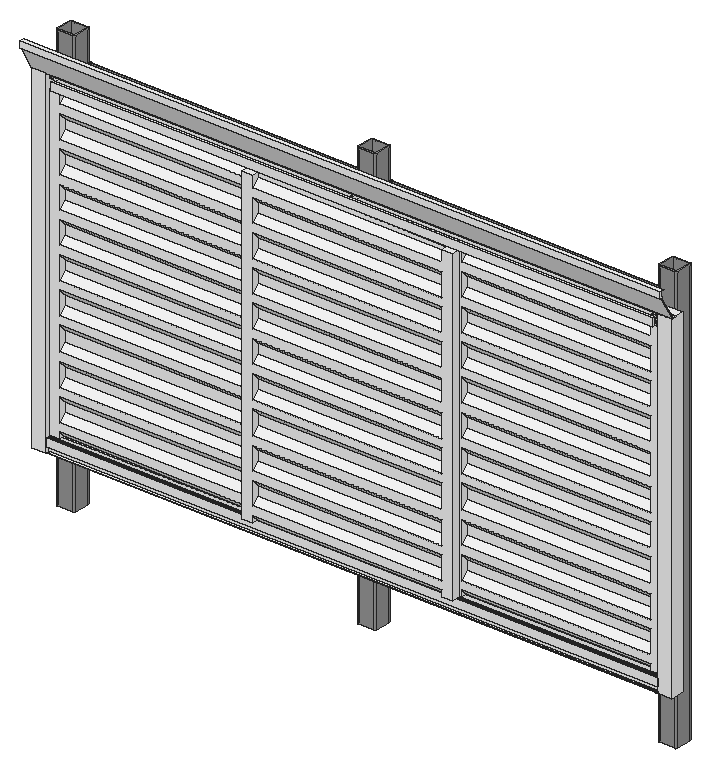
Revit family "Envisor-Premiere-Rooftop-Screen-System_CityScapes-Inc", category Specialty Equipment, Revit 2026
Family settings
  Round Connector Dimension = Use Diameter
  Part Type = Normal
  Classification Number = 23.40.10.14.14
  Enable Cutting in Views = No
  Cut with Voids When Loaded = No
  Maintain Annotation Orientation = No
  Shared = No
  Room Calculation Point = No
Parameters (values of type "Envisor - 4x4 Beams")
  URL = "https://cityscapesinc.com"
  Type Comments = "ACRYLICAP ABS INFILLS"  # constant formula
  Model = if(CD_Panel 7.2 Rib, "Envisor with 7.2 Rib Panels", if(CD_Panel Batten, "Envisor with Batten Panels", if(CD_Panel Brick, "Envisor with Brick Panels", if(CD_Panel Flat, "Envisor with Flat Panels", if(CD_Panel Horizontal Rib, "Envisor with Horizontal Panels", if(CD_Panel Louver, "Envisor with Louver Panels", if(CD_Panel Vertical Rib, "Envisor with Vertical Rib Panels", "Envisor System")))))))  # "Envisor with 7.2 Rib Panels"
  Manufacturer = "Cityscapes Incorporated"  # constant formula
  built-in parameter 1001306 [instance] = 150.000"
  Description = "Envisor Screening Systems"  # constant formula
  Default Elevation = 0.000"  # constant formula
  CD_Vertical Beam Spacing [instance] = if(((CD_Length - 2.250") / CD_Number of Vertical Beams) > 96.000", 96.000", ((CD_Length - 2.250") / CD_Number of Vertical Beams))  # 64.375"
  CD_Trim Style = Cityscapes-Trims : Alamo Trim
  CD_Trim Lineal Band = Cityscapes-Trims : Lineal Band Trim
  CD_Trim Height [instance] = if(CD_Trim Style = CD_Trim 2 Step, 5.500", if(CD_Trim Style = CD_Trim 3 Step, 8.000", if(CD_Trim Style = CD_Trim Alamo, 6.500", if(CD_Trim Style = CD_Trim Cove, 6.500", 0.000"))))  # 6.500"
  CD_Trim Cove = Cityscapes-Trims : Cove Trim
  CD_Trim Alamo = Cityscapes-Trims : Alamo Trim
  CD_Trim 3 Step = Cityscapes-Trims : 3 Step Trim
  CD_Trim 2 Step = Cityscapes-Trims : 2 Step Trim
  CD_Support Offset = 40.063"  # constant formula
  CD_Support Height = CD_Panel Height + 2.520"  # 72.520"
  CD_Right Trim Offset [instance] = if(and(CD_Right Corner, CD_Trim Style = CD_Trim 2 Step), 4.386", if(and(CD_Right Corner, CD_Trim Style = CD_Trim 3 Step), 5.136", if(and(CD_Right Corner, CD_Trim Style = CD_Trim Alamo), 6.101", if(and(CD_Right Corner, CD_Trim Style = CD_Trim Cove), 6.851", if(and(CD_Right Corner, CD_Trim Style = CD_Trim Lineal Band), 3.636", 2.950")))))  # 2.950"
  CD_Right Track Offset [instance] = if(CD_Right Corner, 3.000", 0.000")  # 0.000"
  CD_Right Post Offset [instance] = if(or(CD_Right Corner, CD_Left Corner), CD_Trim Height, 0.000")  # 0.000"
  CD_Right Post Base Offset [instance] = if(CD_Right Corner, 2.855", 0.000")  # 0.000"
  CD_Right Corner [instance] = no
  CD_Right Beam [instance] = not(CD_Right Corner)  # yes
  CD_Requested Length [instance] = [built-in parameter 1001306]  # 150.000"
  CD_Product Page URL = "https://cityscapesinc.com/products/envisor"
  CD_Product Documentation Link = "https://9415688.fs1.hubspotusercontent-na1.net/hubfs/9415688/Envisor-Brochure-web-20220428.pdf"
  CD_Panel Vertical Rib = no
  CD_Panel Louver = no
  CD_Panel Horizontal Rib = no
  CD_Panel Flat = no
  CD_Panel Brick = no
  CD_Panel Batten = no
  CD_Panel 7.2 Rib = yes
  CD_Panel Spacing [instance] = (((CD_Number of Panels * 45.000") - ((CD_Number of Panels - 1) * 3.000"))) / CD_Number of Panels  # 43.000"
  CD_Panel Height = if([18in Panel Height], 18.000", if([35in Panel Height], 35.000", if([52in Panel Height], 52.000", 70.000")))  # 70.000"
  CD_Odd Panel Single Vis [instance] = CD_Number of Odd Panels = 1  # no
  CD_Odd Panel Array Vis [instance] = CD_Number of Odd Panels > 1  # yes
  CD_Number of Vertical Beams Array [instance] = if((CD_Number of Vertical Beams - 1) < 2, 2, (CD_Number of Vertical Beams - 1))  # 2
  CD_Number of Vertical Beams [instance] = roundup((((CD_Length - 2.250") / 96.000")))  # 2
  CD_Number of Panels [instance] = rounddown(CD_Requested Length / 45.000")  # 3
  CD_Number of Odd Panels [instance] = (CD_Number of Panels / 2)  # 2
  CD_Number of Horizontal Beams Array [instance] = if((CD_Number of Vertical Beams - 2) < 2, 2, (CD_Number of Vertical Beams - 2))  # 2
  CD_Number of Even Panels [instance] = CD_Number of Panels - CD_Number of Odd Panels  # 1
  CD_Microsite = "https://www.caddetails.com/2907"
  CD_Length [instance] = (CD_Number of Panels * 45.000") - ((CD_Number of Panels - 1) * 3.000") + CD_Calc  # 131.000"
  CD_Left Trim Offset [instance] = if(and(CD_Left Corner, CD_Trim Style = CD_Trim 2 Step), 4.386", if(and(CD_Left Corner, CD_Trim Style = CD_Trim 3 Step), 5.136", if(and(CD_Left Corner, CD_Trim Style = CD_Trim Alamo), 6.101", if(and(CD_Left Corner, CD_Trim Style = CD_Trim Cove), 6.851", if(and(CD_Left Corner, CD_Trim Style = CD_Trim Lineal Band), 3.636", 2.950")))))  # 2.950"
  CD_Left Track Offset [instance] = if(CD_Left Corner, 3.000", 0.000")  # 0.000"
  CD_Left Post Offset [instance] = if(or(CD_Right Corner, CD_Left Corner), CD_Trim Height, 0.000")  # 0.000"
  CD_Left Post Base Offset [instance] = if(CD_Left Corner, 2.855", 0.000")  # 0.000"
  CD_Left Corner [instance] = no
  CD_Left Beam [instance] = not(CD_Left Corner)  # yes
  CD_Horizontal Beams [instance] = yes
  CD_Horizontal Beam Final [instance] = if(and(CD_Horizontal Beams, CD_Number of Vertical Beams > 2, CD_Number of Horizontal Beams Array > 1), 1 = 1, 1 = 0)  # no
  CD_Height [instance] = CD_Panel Height + CD_Trim Height + CD_Curb Height + 2.773"  # 91.273"
  CD_Finish Trim = Plastic-Cityscapes-ABS-Alabaster
  CD_Finish Beam = Steel, Galvanized
  CD_Finish = Plastic-Cityscapes-ABS-Alabaster
  CD_Even Panel Single Vis [instance] = CD_Number of Even Panels = 1  # yes
  CD_Even Panel Array Vis [instance] = CD_Number of Even Panels > 1  # no
  CD_Depth = 3.60156"  # constant formula
  CD_Curb Height = 12.000"
  CD_Created By = "CADdetails Ltd. 2024"  # constant formula
  CD_Corner Brace Offset = CD_Curb Height + 0.125"  # 12.125"
  CD_Connection Point Visibility [instance] = yes
  CD_Calc [instance] = ((CD_Number of Panels - 1) * 3.000") / CD_Number of Panels  # 2.000"
  CD_Beam Array [instance] = if(CD_Number of Vertical Beams > 2, 1 = 1, 1 = 0)  # no
  CD_Acutal Number of Odd Panels [instance] = if(CD_Number of Odd Panels > 1, CD_Number of Odd Panels, 2)  # 2
  CD_Acutal Number of Even Panels [instance] = if(CD_Number of Even Panels > 1, CD_Number of Even Panels, 2)  # 2
  CD_3 Beam Horizontal [instance] = if(and(CD_3 Beam, CD_Horizontal Beams), 1 = 1, 1 = 0)  # yes
  CD_3 Beam [instance] = if(CD_Number of Vertical Beams = 2, 1 = 1, 1 = 0)  # yes
  Assembly Code = "E1010900"
  70in Panel Height = yes
  52in Panel Height = not(or([35in Panel Height], [18in Panel Height], [70in Panel Height]))  # no
  35in Panel Height = no
  18in Panel Height = no
Reference planes (in)
  plane 1 "Center (Front/Back)": y = 0
  plane 2 "Bottom": z = 0
  plane 3 "Left": x = 0
  plane 4 "Right": x = 150
  plane 5 "Back": y = 1.80078
  plane 6 "Front": y = -1.80078
  plane 7 "Top Sweep": z = 84.773
  plane 8 "Requested Length": x = 131
  plane 9 "Bottom Sweep": z = 12
  plane 10 "Top": z = 91.273
  plane 11 "Bottom Panel": z = 13.38504
  plane 12 "Top Panel": z = 83.38796
  plane 13: y = 1.46953
  plane 14: y = -0.63047
  plane 15: x = 43
  plane 16: x = 86
  plane 17: x = 129
  plane 18 "Top2": x = 131
  plane 19 "Top3": x = 0
  plane 20: x = 40.063
  plane 21: x = 90.937
  plane 22: y = -0.36386
  plane 23 "Top6": z = 12.12504
  plane 24 "Top12": x = 133.95
  plane 25 "Top13": x = -2.95
  plane 26 "beam 2": x = 65.5
  plane 27 "F beam": y = 2.65078
  plane 28 "cl beam": y = 4.65078
  plane 29 "beam 1": x = 1.125
  plane 30 "beam right": x = 129.875
  plane 31 "beam 3": x = 129.875
Forms (in)
  Extrusion 1, void
    sketch origin (0, 0, 0) x (1, 0, 0) y (0, 1, 0)
      loop
        line (0, 1.80078) -> (-5.12652, 1.80078) -> (-5.12652, -3.32574) -> (0, 1.80078)
      loop
        line (131, 1.80078) -> (136.12652, -3.32574) -> (136.12652, 1.80078) -> (131, 1.80078)
    from 0 to 92.93402
  Extrusion 2, solid, material "Plastic-Cityscapes-ABS-Alabaster" <- "CD_Finish"
    sketch origin (0, 0, 0) x (1, 0, 0) y (0, 1, 0)
      loop
        line (131, -1.14922) -> (133.95, -1.14922) -> (133.95, 1.80078) -> (131, 1.80078) -> (131, -1.14922)
    from 12 to 84.773
  Extrusion 3, solid, material "Plastic-Cityscapes-ABS-Alabaster" <- "CD_Finish"
    sketch origin (0, 0, 84.773) x (-1, 0, 0) y (0, -1, 0)
      loop
        line (0, 1.14922) -> (0, -1.80078) -> (2.95, -1.80078) -> (2.95, 1.14922) -> (0, 1.14922)
    from -72.773 to 0
Lines and regions (in)
  reference lines
    curve 1: line (0, 0, 0) -> (150, 0, 0)
    curve 2: line (0, 2.65078, -3.58594) -> (0, -0.34922, -3.58594)
    curve 3: line (0, -0.34922, -3.58594) -> (0, -0.34922, -3.83594)
Dimensions and locks (in)
  "built-in parameter 1001306": plane 3 "Left" to plane 4 "Right"
  equal spacing: plane 6 "Front", plane 1 "Center (Front/Back)", plane 5 "Back"
  "CD_Depth": plane 6 "Front" to plane 5 "Back"
  "CD_Height": plane 10 "Top" to level
  "CD_Length": plane 3 "Left" to plane 8 "Requested Length"
  level to plane 9 "Bottom Sweep" = 12.000"
  "CD_Trim Height": plane 10 "Top" to plane 7 "Top Sweep"
  "CD_Curb Height": plane 9 "Bottom Sweep" to level
  locked: plane 11 "Bottom Panel" to plane 9 "Bottom Sweep" at 1.38504
  locked: plane 7 "Top Sweep" to plane 12 "Top Panel" at 1.38504
  group 1 to group 2 = 86.000"
  group 1 to group 2 = 0.000"  (x2)
  group 3 to group 4 = 86.000"
  group 3 to group 4 = 0.000"  (x2)
  "CD_Panel Spacing": plane 3 "Left" to plane 15
  "CD_Panel Spacing": plane 15 to plane 16
  "CD_Panel Spacing": plane 16 to plane 17
  "CD_Left Track Offset": plane 19 "Top3" to plane 3 "Left"
  "CD_Right Track Offset": plane 8 "Requested Length" to plane 18 "Top2"
  Extrusion 1 sketch curve to plane 3 "Left" to Extrusion 1 sketch curve = 5.12652" locked, 0.000" locked
  locked: Extrusion 1 sketch curve to plane 5 "Back" at 5.12652  (x2)
  plane 8 "Requested Length" to Extrusion 1 sketch curve to Extrusion 1 sketch curve = 0.000" locked, 5.12652" locked
  locked: Extrusion 1 to plane 10 "Top" at 1.66102
  "CD_Right Post Base Offset": Extrusion 2 to plane 9 "Bottom Sweep"
  locked: plane 8 "Requested Length" to Extrusion 2 sketch curve at 2.95
  locked: Extrusion 2 sketch curve to plane 5 "Back" at 2.95
  locked: plane 1 "Center (Front/Back)" to plane 22 at 0.36386
  locked: plane 9 "Bottom Sweep" to plane 23 "Top6" at 0.12504
  "CD_Support Offset": plane 21 to plane 18 "Top2"
  "CD_Support Offset": plane 19 "Top3" to plane 20
  locked: Extrusion 3 sketch curve to plane 5 "Back" at 2.95
  locked: Extrusion 3 sketch curve to plane 3 "Left" at 2.95
  "CD_Left Post Base Offset": Extrusion 3 to plane 9 "Bottom Sweep"
  locked: plane 1 "Center (Front/Back)" to nested 7 at 0.17511
  "CD_Right Trim Offset": plane 8 "Requested Length" to plane 24 "Top12"
  "CD_Left Trim Offset": plane 25 "Top13" to plane 3 "Left"
  plane 28 "cl beam" to plane 27 "F beam" to plane 5 "Back" = 2.000" locked, 0.850"
  locked: plane 3 "Left" to plane 29 "beam 1" at 1.125
  "CD_Vertical Beam Spacing": plane 29 "beam 1" to plane 26 "beam 2"
  locked: plane 30 "beam right" to plane 8 "Requested Length" at 1.125
  "CD_Vertical Beam Spacing": plane 26 "beam 2" to plane 31 "beam 3"
  group 5 to group 6 = 64.375"
  group 5 to group 6 = 0.000"  (x2)
  group 7 to group 8 = 64.375"
  group 7 to group 8 = 0.000"  (x2)
  aligned and locked: plane 4 "Right" to curve 1
  aligned and locked: plane 1 "Center (Front/Back)" to curve 1
  aligned and locked: plane 3 "Left" to curve 1
  aligned and locked: level to plane 2 "Bottom"
  aligned and locked: nested 2 to plane 11 "Bottom Panel"
  aligned and locked: nested 1 to plane 11 "Bottom Panel"
  aligned and locked: nested 1 to plane 13
  aligned and locked: nested 3 to plane 13
  aligned and locked: nested 5 to plane 13
  aligned and locked: nested 2 to plane 14
  aligned and locked: nested 4 to plane 14
  aligned and locked: nested 6 to plane 14
  aligned and locked: plane 3 "Left" to nested 3
  aligned and locked: plane 15 to nested 2
  aligned and locked: plane 16 to nested 5
  aligned and locked: nested 4 to plane 15
  aligned and locked: nested 6 to plane 17
  aligned and locked: plane 3 "Left" to nested 1
  aligned and locked: plane 5 "Back" to Extrusion 1 sketch curve
  aligned and locked: Extrusion 1 sketch curve to plane 5 "Back"
  aligned and locked: Extrusion 1 to level
  aligned and locked: Extrusion 2 sketch curve to plane 8 "Requested Length"
  aligned and locked: plane 5 "Back" to Extrusion 2 sketch curve
  aligned and locked: Extrusion 3 sketch curve to plane 3 "Left"
  aligned and locked: Extrusion 3 sketch curve to plane 5 "Back"
  aligned and locked: plane 24 "Top12" to nested 7
  aligned and locked: plane 25 "Top13" to nested 7
  aligned and locked: nested 4 to plane 11 "Bottom Panel"
  aligned and locked: nested 6 to plane 11 "Bottom Panel"
  aligned and locked: nested 3 to plane 11 "Bottom Panel"
  aligned and locked: nested 5 to plane 11 "Bottom Panel"
  aligned and locked: plane 7 "Top Sweep" to Extrusion 2
  aligned and locked: plane 7 "Top Sweep" to Extrusion 3
  aligned and locked: nested 8 to plane 28 "cl beam"
  aligned and locked: plane 29 "beam 1" to nested 8
  aligned and locked: plane 30 "beam right" to nested 10
  aligned and locked: nested 10 to plane 28 "cl beam"
  aligned and locked: plane 26 "beam 2" to nested 9
  aligned and locked: nested 9 to plane 28 "cl beam"
  aligned and locked: plane 31 "beam 3" to nested 11
  aligned and locked: nested 11 to plane 28 "cl beam"
  aligned and locked: plane 26 "beam 2" to nested 12
  aligned and locked: nested 12 to plane 28 "cl beam"
  aligned and locked: plane 29 "beam 1" to nested 13
  aligned and locked: nested 13 to plane 28 "cl beam"
  aligned and locked: plane 26 "beam 2" to nested 14
  aligned and locked: nested 14 to plane 28 "cl beam"
  aligned and locked: plane 29 "beam 1" to nested 15
  aligned and locked: plane 30 "beam right" to nested 15
  aligned and locked: nested 15 to plane 28 "cl beam"
  aligned and locked: plane 30 "beam right" to nested 16
  aligned and locked: plane 28 "cl beam" to nested 16
  aligned and locked: nested 17 to plane 28 "cl beam"
  aligned and locked: plane 31 "beam 3" to nested 17
  aligned and locked: plane 26 "beam 2" to nested 18
  aligned and locked: nested 18 to plane 28 "cl beam"
Automatic sketch dimensions
  curve 2 to plane 27 "F beam" = 0.000"
  plane 22 to curve 3 = 0.01464"
  curve 3 to level = 3.83594"
  curve 3 to curve 3 = 0.250"
Nested families (in)
  nested 1: "Nested-Cityscapes-Panel-ABS" at (22.5, 0.59453, 13.38504), visible <- "CD_Odd Panel Single Vis", type "Panel"
    with CD_Height 70.000"
  nested 2: "Nested-Cityscapes-Panel-ABS" at (65.5, -1.50547, 13.38504), visible <- "CD_Even Panel Single Vis", type "Panel"
    with CD_Height 70.000"
  nested 3: "Nested-Cityscapes-Panel-ABS" at (22.5, 0.59453, 13.38504), visible <- "CD_Odd Panel Array Vis", type "Panel"
    with CD_Height 70.000"
  nested 4: "Nested-Cityscapes-Panel-ABS" at (65.5, -1.50547, 13.38504), visible <- "CD_Even Panel Array Vis", type "Panel"
    with CD_Height 70.000"
  nested 5: "Nested-Cityscapes-Panel-ABS" at (108.5, 0.59453, 13.38504), visible <- "CD_Odd Panel Array Vis", type "Panel"
    with CD_Height 70.000"
  nested 6: "Nested-Cityscapes-Panel-ABS" at (151.5, -1.50547, 13.38504), visible <- "CD_Even Panel Array Vis", type "Panel"
    with CD_Height 70.000"
  nested 7: "Cityscapes-Trims" at (-2.95, -0.17511, 84.773), type <- "CD_Trim Style", type "Alamo Trim"
    with built-in parameter 1001306 136.900"
  nested 8: "Nested-Cityscapes-4x4 Beam" at (1.125, 4.65078, 0), CD_Height <- "CD_Height", CD_Finish <- "CD_Finish Beam", CD_Trim Height <- "CD_Trim Height", CD_Curb Height <- "CD_Curb Height", visible <- "CD_Left Beam", type "4x4 Vertical Beam"
    with CD_Trim Height 6.500", CD_Height 91.273", CD_Finish Steel, Galvanized, CD_Curb Height 12.000"
  nested 9: "Nested-Cityscapes-4x4 Beam" at (65.5, 4.65078, 0), CD_Height <- "CD_Height", CD_Finish <- "CD_Finish Beam", CD_Trim Height <- "CD_Trim Height", CD_Curb Height <- "CD_Curb Height", visible <- "CD_Beam Array", type "4x4 Vertical Beam"
    with CD_Trim Height 6.500", CD_Height 91.273", CD_Finish Steel, Galvanized, CD_Curb Height 12.000"
  nested 10: "Nested-Cityscapes-4x4 Beam" at (129.875, 4.65078, 0), CD_Height <- "CD_Height", CD_Trim Height <- "CD_Trim Height", CD_Curb Height <- "CD_Curb Height", visible <- "CD_Right Beam", CD_Finish <- "CD_Finish Beam", type "4x4 Vertical Beam"
    with CD_Trim Height 6.500", CD_Height 91.273", CD_Finish Steel, Galvanized, CD_Curb Height 12.000"
  nested 11: "Nested-Cityscapes-4x4 Beam" at (129.875, 4.65078, 0), CD_Height <- "CD_Height", CD_Finish <- "CD_Finish Beam", CD_Trim Height <- "CD_Trim Height", CD_Curb Height <- "CD_Curb Height", visible <- "CD_Beam Array", type "4x4 Vertical Beam"
    with CD_Trim Height 6.500", CD_Height 91.273", CD_Finish Steel, Galvanized, CD_Curb Height 12.000"
  nested 12: "Nested-Cityscapes-4x4 Beam" at (65.5, 4.65078, 0), CD_Height <- "CD_Height", CD_Finish <- "CD_Finish Beam", CD_Trim Height <- "CD_Trim Height", CD_Curb Height <- "CD_Curb Height", visible <- "CD_3 Beam", type "4x4 Vertical Beam"
    with CD_Trim Height 6.500", CD_Height 91.273", CD_Finish Steel, Galvanized, CD_Curb Height 12.000"
  nested 13: "Nested-Cityscapes-4x4 Beam_Horizontal" at (1.125, 4.65078, 0), CD_Height <- "CD_Height", CD_Trim Height <- "CD_Trim Height", CD_Curb Height <- "CD_Curb Height", CD_Finish <- "CD_Finish Beam", CD_Width Mid <- "CD_Vertical Beam Spacing", visible <- "CD_Horizontal Beams", type "4x4 Horizontal Beam"
    with CD_Width Mid 64.375", CD_Trim Height 6.500", CD_Height 91.273", CD_Finish Steel, Galvanized, CD_Curb Height 12.000"
  nested 14: "Nested-Cityscapes-4x4 Beam_Horizontal" at (65.5, 4.65078, 0), CD_Height <- "CD_Height", CD_Trim Height <- "CD_Trim Height", CD_Curb Height <- "CD_Curb Height", CD_Finish <- "CD_Finish Beam", CD_Width Mid <- "CD_Vertical Beam Spacing", visible <- "CD_Beam Array", type "4x4 Horizontal Beam"
    with CD_Width Mid 64.375", CD_Trim Height 6.500", CD_Height 91.273", CD_Finish Steel, Galvanized, CD_Curb Height 12.000"
  nested 15: "Nested-Cityscapes-Rail" at (1.125, 4.65078, 0), CD_Height <- "CD_Height", CD_Trim Height <- "CD_Trim Height", CD_Curb Height <- "CD_Curb Height", CD_Finish <- "CD_Finish", type "4x4 Vertical Beam"
    with CD_Trim Height 6.500", CD_Length 128.750", CD_Height 91.273", CD_Finish Plastic-Cityscapes-ABS-Alabaster, CD_Curb Height 12.000"
  nested 16: "Nested-Cityscapes-4x4 Beam_Horizontal" at (129.875, 4.65078, 0) x (-1, 0, 0) z (0, 0, 1), CD_Height <- "CD_Height", CD_Trim Height <- "CD_Trim Height", CD_Curb Height <- "CD_Curb Height", CD_Finish <- "CD_Finish Beam", CD_Width Mid <- "CD_Vertical Beam Spacing", visible <- "CD_Horizontal Beam Final", type "4x4 Horizontal Beam"
    with CD_Width Mid 64.375", CD_Trim Height 6.500", CD_Height 91.273", CD_Finish Steel, Galvanized, CD_Curb Height 12.000"
  nested 17: "Nested-Cityscapes-4x4 Beam_Horizontal" at (129.875, 4.65078, 0), CD_Height <- "CD_Height", CD_Trim Height <- "CD_Trim Height", CD_Curb Height <- "CD_Curb Height", CD_Finish <- "CD_Finish Beam", CD_Width Mid <- "CD_Vertical Beam Spacing", visible <- "CD_Beam Array", type "4x4 Horizontal Beam"
    with CD_Width Mid 64.375", CD_Trim Height 6.500", CD_Height 91.273", CD_Finish Steel, Galvanized, CD_Curb Height 12.000"
  nested 18: "Nested-Cityscapes-4x4 Beam_Horizontal" at (65.5, 4.65078, 0), CD_Height <- "CD_Height", CD_Trim Height <- "CD_Trim Height", CD_Curb Height <- "CD_Curb Height", CD_Finish <- "CD_Finish Beam", CD_Width Mid <- "CD_Vertical Beam Spacing", visible <- "CD_3 Beam Horizontal", type "4x4 Horizontal Beam"
    with CD_Width Mid 64.375", CD_Trim Height 6.500", CD_Height 91.273", CD_Finish Steel, Galvanized, CD_Curb Height 12.000"
Definition of nested family "Nested-Cityscapes-Panel-ABS"
  Parameters (values of type "7.2 Rib")
    URL = "https://cityscapesinc.com"
    Type Comments = "For use with Envisor Models Only"  # constant formula
    Model = "Envisor ABS Panels"  # constant formula
    Manufacturer = "Cintyscapes Incorporated"  # constant formula
    Description = "General Description of Product"  # constant formula
    Default Elevation = 0.000"
    CD_Width = 45.000"
    CD_Vertical Rib Offset = if(CD_Vertical Rib, 0.000", 6.000")  # 6.000"
    CD_Vertical Rib = no
    CD_Side Void Offset = 2.250"
    CD_Offset Side = 0.000"
    CD_Offset Top and Bottom = 1.750"
    CD_Louver Offset = if(CD_Louver, 0.000", 6.000")  # 6.000"
    CD_Louver = no
    CD_Horizontal Rib Offset = if(CD_Horizontal Rib, 0.000", 6.000")  # 6.000"
    CD_Horizontal Rib = no
    CD_Height = 35.000"
    CD_Flat Pan = no
    CD_Finish = none
    CD_Depth = 1.750"
    CD_Brick = no
    CD_Batten Offset = if(CD_Batten, 0.000", 6.000")  # 6.000"
    CD_Batten = no
    CD_7.2 Rib = yes
    CD_7.2 Horizontal Offset = if(CD_7.2 Rib, 0.000", 6.000")  # 0.000"
    Assembly Code = ""
  Types (7): name | CD_Side Void Offset | CD_Offset Side | CD_Louver Offset | CD_Louver | CD_Horizontal Rib Offset | CD_Horizontal Rib | CD_Flat Pan | CD_Brick | CD_Batten Offset | CD_Batten | CD_7.2 Rib | CD_7.2 Horizontal Offset
    7.2 Rib | 2.250" | 0.000" | 6.000" | no | 6.000" | no | no | no | 6.000" | no | yes | 0.000"
    Batten | 2.250" | 0.000" | 6.000" | no | 6.000" | no | no | no | 0.000" | yes | no | 6.000"
    Horizontal Rib | 2.250" | 0.000" | 6.000" | no | 0.000" | yes | no | no | 6.000" | no | no | 6.000"
    Lover | 2.250" | 0.000" | 0.000" | yes | 6.000" | no | no | no | 6.000" | no | no | 6.000"
    Vertical Rib | 1.500" | 0.750" | 0.000" | yes | 6.000" | no | no | no | 6.000" | no | no | 6.000"
    Brick | 2.250" | 0.000" | 6.000" | no | 6.000" | no | no | yes | 6.000" | no | no | 6.000"
    Flat Pan | 2.250" | 0.000" | 6.000" | no | 6.000" | no | yes | no | 6.000" | no | no | 6.000"
  Reference planes (in)
    plane 1 "Center (Front/Back)": y = 0
    plane 2 "Bottom": z = 0
    plane 3 "Center (Left/Right)": x = 0
    plane 4 "Top": z = 35
    plane 5 "Left": x = -22.5
    plane 6 "Right": x = 22.5
    plane 7 "Back": y = 0.875
    plane 8 "Front": y = -0.875
    plane 9: z = 33.25
    plane 10: x = -22.5
    plane 11: x = 22.5
    plane 12 "Horizontal Rib": y = -6.875
    plane 13 "7.2 Horizontal": y = -0.875
    plane 14 "Vertical Rib": y = -6.875
    plane 15 "Battens": y = -6.875
    plane 16 "Louver": y = -6.875
    plane 17: z = -3.48401
    plane 18: z = 1.75
    plane 19: x = -20.25
    plane 20: x = 20.25
  Forms (in)
    Extrusion 1, solid, material <- "CD_Finish"
      sketch origin (0, -9.9383, 0) x (0, 1, 0) y (0, 0, 1)
        loop
          line (10.8133, 35) -> (9.0633, 35) -> (9.0633, 0) -> (10.8133, 0) -> (10.8133, 35)
      from -22.5 to 22.5
    Extrusion 2, void
      sketch origin (0, -57.21126, 0.03125) x (0, 1, 0) y (0, 0, 1)
        loop
          line (50.33626, 72.32946) -> (48.40965, 72.32946) -> (48.40965, -3.51526) -> (51.75047, -3.51526) -> (51.75047, 1.78015) -> (50.33626, 1.92879) -> (50.33626, 2.42879) -> (51.75047, 3.843) -> (51.75047, 4.90515) -> (50.33626, 5.05379) -> (50.33626, 5.55379) -> (51.75047, 6.968) -> (51.75047, 7.83813) -> (50.33626, 7.98677) -> (50.33626, 8.48677) -> (51.75047, 9.90098) -> (51.75047, 10.77112) -> (50.33626, 10.91976) -> (50.33626, 11.41976) -> (51.75047, 12.83397) -> (51.75047, 13.7041) -> (50.33626, 13.85274) -> (50.33626, 14.35274) -> (51.75047, 15.76696) -> (51.75047, 16.63709) -> (50.33626, 16.78573) -> (50.33626, 17.28573) -> (51.75047, 18.69994) -> (51.75047, 19.57007) -> (50.33626, 19.71871) -> (50.33626, 20.21871) -> (51.75047, 21.63293) -> (51.75047, 22.50306) -> (50.33626, 22.6517) -> (50.33626, 23.1517) -> (51.75047, 24.56591) -> (51.75047, 25.43604) -> (50.33626, 25.58468) -> (50.33626, 26.08468) -> (51.75047, 27.4989) -> (51.75047, 28.36903) -> (50.33626, 28.51767) -> (50.33626, 29.01767) -> (51.75047, 30.43188) -> (51.75047, 31.30201) -> (50.33626, 31.45065) -> (50.33626, 31.95065) -> (51.75047, 33.36487) -> (51.75047, 34.235) -> (50.33626, 34.38364) -> (50.33626, 34.88364) -> (51.75047, 36.29785) -> (51.75047, 37.16798) -> (50.33626, 37.31662) -> (50.33626, 37.81662) -> (51.75047, 39.23084) -> (51.75047, 40.10097) -> (50.33626, 40.24961) -> (50.33626, 40.74961) -> (51.75047, 42.16382) -> (51.75047, 43.03395) -> (50.33626, 43.18259) -> (50.33626, 43.68259) -> (51.75047, 45.09681) -> (51.75047, 45.96694) -> (50.33626, 46.11558) -> (50.33626, 46.61558) -> (51.75047, 48.02979) -> (51.75047, 48.89992) -> (50.33626, 49.04856) -> (50.33626, 49.54856) -> (51.75047, 50.96278) -> (51.75047, 51.83291) -> (50.33626, 51.98155) -> (50.33626, 52.48155) -> (51.75047, 53.89576) -> (51.75047, 54.76589) -> (50.33626, 54.91453) -> (50.33626, 55.41453) -> (51.75047, 56.82875) -> (51.75047, 57.69888) -> (50.33626, 57.84752) -> (50.33626, 58.34752) -> (51.75047, 59.76173) -> (51.75047, 60.63186) -> (50.33626, 60.7805) -> (50.33626, 61.2805) -> (51.75047, 62.69472) -> (51.75047, 63.56485) -> (50.33626, 63.71349) -> (50.33626, 64.21349) -> (51.75047, 65.6277) -> (51.75047, 66.49783) -> (50.33626, 66.64647) -> (50.33626, 67.14647) -> (51.75047, 68.56069) -> (51.75047, 69.43082) -> (50.33626, 69.57946) -> (50.33626, 72.32946)
      from -20.25 to 20.25
    Extrusion 3, void
      sketch origin (0, -20.25, 0) x (0, 1, 0) y (0, 0, 1)
        loop
          line (14.94839, 29.51748) -> (13.375, 29.93907) -> (13.375, 32.56554) -> (14.94839, 32.98713) -> (14.94839, 35.01748) -> (13.375, 35.43907) -> (13.375, 38.06554) -> (14.94839, 38.48713) -> (14.94839, 40.51748) -> (13.375, 40.93907) -> (13.375, 43.56554) -> (14.94839, 43.98713) -> (14.94839, 46.01748) -> (13.375, 46.43907) -> (13.375, 49.06554) -> (14.94839, 49.48713) -> (14.94839, 51.51748) -> (13.375, 51.93907) -> (13.375, 54.56554) -> (14.94839, 54.98713) -> (14.94839, 57.01748) -> (13.375, 57.43907) -> (13.375, 60.06554) -> (14.94839, 60.48713) -> (14.94839, 62.51748) -> (13.375, 62.93907) -> (13.375, 65.56554) -> (14.94839, 65.98713) -> (14.94839, 68.01748) -> (13.375, 68.43907) -> (13.375, 70) -> (14.94839, 70.42159) -> (14.94839, 72.45194) -> (13.375, 72.87353) -> (13.375, 74.43446) -> (14.94839, 74.85605) -> (14.94839, 76.8864) -> (13.375, 77.30799) -> (13.375, 80.30799) -> (11.44839, 80.30799) -> (11.44839, -3.48401) -> (14.94839, -3.48401) -> (14.94839, 2.01748) -> (13.375, 2.43907) -> (13.375, 5.06554) -> (14.94839, 5.48713) -> (14.94839, 7.51748) -> (13.375, 7.93907) -> (13.375, 10.56554) -> (14.94839, 10.98713) -> (14.94839, 13.01748) -> (13.375, 13.43907) -> (13.375, 16.06554) -> (14.94839, 16.48713) -> (14.94839, 18.51748) -> (13.375, 18.93907) -> (13.375, 21.56554) -> (14.94839, 21.98713) -> (14.94839, 24.01748) -> (13.375, 24.43907) -> (13.375, 27.06554) -> (14.94839, 27.48713) -> (14.94839, 29.51748)
      from -20.25 to 20.25
    Extrusion 4, void
      sketch origin (0, -31.2985, 0) x (0, 1, 0) y (0, 0, 1)
        loop
          line (31.83772, 74.01585) -> (28.75976, 74.01585) -> (28.75976, -3.48401) -> (31.72824, -3.48401) -> (31.72824, 1.62146) -> (30.4235, 3.02062) -> (30.4235, 4.85164) -> (31.83772, 6.26585) -> (31.83772, 8.25406) -> (30.4235, 9.77062) -> (30.4235, 11.60164) -> (31.83772, 13.01585) -> (31.83772, 15.00406) -> (30.4235, 16.52062) -> (30.4235, 18.35164) -> (31.83772, 19.76585) -> (31.83772, 22.00406) -> (30.4235, 23.52062) -> (30.4235, 25.35164) -> (31.83772, 26.76585) -> (31.83772, 28.75406) -> (30.4235, 30.27062) -> (30.4235, 32.10164) -> (31.83772, 33.51585) -> (31.83772, 35.50406) -> (30.4235, 37.02062) -> (30.4235, 38.85164) -> (31.83772, 40.26585) -> (31.83772, 42.25406) -> (30.4235, 43.77062) -> (30.4235, 45.60164) -> (31.83772, 47.01585) -> (31.83772, 49.00406) -> (30.4235, 50.52062) -> (30.4235, 52.35164) -> (31.83772, 53.76585) -> (31.83772, 55.75406) -> (30.4235, 57.27062) -> (30.4235, 59.10164) -> (31.83772, 60.51585) -> (31.83772, 62.50406) -> (30.4235, 64.02062) -> (30.4235, 65.85164) -> (31.83772, 67.26585) -> (31.83772, 69.25406) -> (30.4235, 70.77062) -> (30.4235, 72.60164) -> (31.83772, 74.01585)
      from -20.25 to 20.25
    Extrusion 5, void
      sketch origin (25.5, -4.5, 18.75) x (0, 1, 0) y (-1, 0, 0)
        loop
          line (-0.8069, 29.51748) -> (-2.375, 29.93765) -> (-2.375, 32.56696) -> (-0.8069, 32.98713) -> (-0.8069, 35.01748) -> (-2.375, 35.43765) -> (-2.375, 38.06696) -> (-0.8069, 38.48713) -> (-0.8069, 40.51748) -> (-2.375, 40.93765) -> (-2.375, 43.56696) -> (-0.8069, 43.98713) -> (-0.8069, 46.01748) -> (-2.375, 46.43765) -> (-2.375, 48) -> (-4.3069, 48) -> (-4.3069, 3) -> (-2.375, 3) -> (-2.375, 5.06696) -> (-0.8069, 5.48713) -> (-0.8069, 7.51748) -> (-2.375, 7.93765) -> (-2.375, 10.56696) -> (-0.8069, 10.98713) -> (-0.8069, 13.01748) -> (-2.375, 13.43765) -> (-2.375, 16.06696) -> (-0.8069, 16.48713) -> (-0.8069, 18.51748) -> (-2.375, 18.93765) -> (-2.375, 21.56696) -> (-0.8069, 21.98713) -> (-0.8069, 24.01748) -> (-2.375, 24.43765) -> (-2.375, 27.06696) -> (-0.8069, 27.48713) -> (-0.8069, 29.51748)
      from -18.75 to 16.25
    Extrusion 6, void
      sketch origin (25.5, -13.75, 18.75) x (0, 1, 0) y (-1, 0, 0)
        loop
          line (6.875, 48) -> (4.9431, 48) -> (4.9431, 3) -> (6.875, 3) -> (6.875, 4.25) -> (8.4431, 4.25) -> (8.4431, 13.75) -> (6.875, 13.75) -> (6.875, 15.25) -> (8.4431, 15.25) -> (8.4431, 24.75) -> (6.875, 24.75) -> (6.875, 26.25) -> (8.4431, 26.25) -> (8.4431, 35.5) -> (6.875, 35.5) -> (6.875, 37) -> (8.4431, 37) -> (8.4431, 46.75) -> (6.875, 46.75) -> (6.875, 48)
      from -17 to 14.5
    Extrusion 7, void
      sketch origin (0, -2.25, 0) x (0, 1, 0) y (0, 0, 1)
        loop
          line (2.9431, 33.25) -> (2.9431, 35.125) -> (1.375, 35.125) -> (1.375, 33.25) -> (2.9431, 33.25)
        loop
          line (2.9431, 1.75) -> (1.375, 1.75) -> (1.375, -0.125) -> (2.9431, -0.125) -> (2.9431, 1.75)
      from -22.5 to 22.5
    Extrusion 8, void
      sketch origin (0, 0, 0) x (1, 0, 0) y (0, 1, 0)
        loop
          line (-22.625, -0.875) -> (-22.5, -0.875) -> (-22.5, 0.6931) -> (-22.625, 0.6931) -> (-22.625, -0.875)
        loop
          line (22.625, -0.875) -> (22.625, 0.6931) -> (22.5, 0.6931) -> (22.5, -0.875) -> (22.625, -0.875)
      from 0 to 35
  Cuts and joins
    Extrusion 2, Extrusion 3, Extrusion 4, Extrusion 5, Extrusion 6, Extrusion 7, Extrusion 8 cuts Extrusion 1
  Dimensions and locks (in)
    "CD_Height": plane 4 "Top" to plane 2 "Bottom"
    equal spacing: plane 5 "Left", plane 3 "Center (Left/Right)", plane 6 "Right"
    "CD_Width": plane 5 "Left" to plane 6 "Right"
    equal spacing: plane 8 "Front", plane 1 "Center (Front/Back)", plane 7 "Back"
    "CD_Depth": plane 8 "Front" to plane 7 "Back"
    "CD_Horizontal Rib Offset": plane 8 "Front" to plane 12 "Horizontal Rib"
    Extrusion 3 sketch curve to Extrusion 3 sketch curve to Extrusion 3 sketch curve to Extrusion 3 sketch curve to Extrusion 3 sketch curve to Extrusion 3 sketch curve to Extrusion 3 sketch curve to Extrusion 3 sketch curve to Extrusion 3 sketch curve to Extrusion 3 sketch curve to Extrusion 3 sketch curve to Extrusion 3 sketch curve to Extrusion 3 sketch curve to Extrusion 3 sketch curve to Extrusion 3 sketch curve to plane 12 "Horizontal Rib" to Extrusion 3 sketch curve to Extrusion 3 sketch curve to Extrusion 3 sketch curve to Extrusion 3 sketch curve to Extrusion 3 sketch curve to Extrusion 3 sketch curve to Extrusion 3 sketch curve to Extrusion 3 sketch curve to Extrusion 3 sketch curve to Extrusion 3 sketch curve to Extrusion 3 sketch curve to Extrusion 3 sketch curve to Extrusion 3 sketch curve to Extrusion 3 sketch curve to Extrusion 3 sketch curve to Extrusion 3 sketch curve = 0.000" locked, 0.000" locked, 0.000" locked, 0.000" locked, 0.000" locked, 0.000" locked, 0.000" locked, 0.000" locked, 0.000" locked, 0.000" locked, 0.000" locked, 0.000" locked, 0.000" locked, 0.000" locked, 1.57339" locked, 0.000" locked, 0.000" locked, 0.000" locked, 0.000" locked, 0.000" locked, 0.000" locked, 0.000" locked, 0.000" locked, 0.000" locked, 0.000" locked, 0.000" locked, 0.000" locked, 0.000" locked, 0.000" locked, 0.000" locked, 1.92661" locked
    Extrusion 3 sketch curve to Extrusion 3 sketch curve to Extrusion 3 sketch curve to Extrusion 3 sketch curve to Extrusion 3 sketch curve to Extrusion 3 sketch curve to Extrusion 3 sketch curve to Extrusion 3 sketch curve to Extrusion 3 sketch curve to Extrusion 3 sketch curve to Extrusion 3 sketch curve to Extrusion 3 sketch curve to Extrusion 3 sketch curve to Extrusion 3 sketch curve to Extrusion 3 sketch curve to Extrusion 3 sketch curve to Extrusion 3 sketch curve to Extrusion 3 sketch curve to Extrusion 3 sketch curve to Extrusion 3 sketch curve to Extrusion 3 sketch curve to Extrusion 3 sketch curve to Extrusion 3 sketch curve to Extrusion 3 sketch curve to Extrusion 3 sketch curve to Extrusion 3 sketch curve to Extrusion 3 sketch curve to Extrusion 3 sketch curve to Extrusion 3 sketch curve to Extrusion 3 sketch curve to Extrusion 3 sketch curve to Extrusion 3 sketch curve to Extrusion 3 sketch curve to Extrusion 3 sketch curve to Extrusion 3 sketch curve to Extrusion 3 sketch curve to Extrusion 3 sketch curve to Extrusion 3 sketch curve to Extrusion 3 sketch curve to Extrusion 3 sketch curve to Extrusion 3 sketch curve to Extrusion 3 sketch curve to Extrusion 3 sketch curve to Extrusion 3 sketch curve to Extrusion 3 sketch curve to Extrusion 3 sketch curve to Extrusion 3 sketch curve to Extrusion 3 sketch curve to Extrusion 3 sketch curve to Extrusion 3 sketch curve to Extrusion 3 sketch curve to Extrusion 3 sketch curve to Extrusion 3 sketch curve to Extrusion 3 sketch curve to Extrusion 3 sketch curve to Extrusion 3 sketch curve to Extrusion 3 sketch curve to Extrusion 3 sketch curve to Extrusion 3 sketch curve to plane 17 = 3.000" locked, 0.42159" locked, 2.03035" locked, 0.42159" locked, 1.56093" locked, 0.42159" locked, 2.03035" locked, 0.42159" locked, 1.56093" locked, 0.42159" locked, 2.03035" locked, 0.42159" locked, 2.62647" locked, 0.42159" locked, 2.03035" locked, 0.42159" locked, 2.62647" locked, 0.42159" locked, 2.03035" locked, 0.42159" locked, 2.62647" locked, 0.42159" locked, 2.03035" locked, 0.42159" locked, 2.62647" locked, 0.42159" locked, 2.03035" locked, 0.42159" locked, 2.62647" locked, 0.42159" locked, 2.03035" locked, 0.42159" locked, 2.62647" locked, 0.42159" locked, 2.03035" locked, 0.42159" locked, 2.62647" locked, 0.42159" locked, 2.03035" locked, 0.42159" locked, 2.62647" locked, 0.42159" locked, 2.03035" locked, 0.42159" locked, 2.62647" locked, 0.42159" locked, 2.03035" locked, 0.42159" locked, 2.62647" locked, 0.42159" locked, 2.03035" locked, 0.42159" locked, 2.62647" locked, 0.42159" locked, 2.03035" locked, 0.42159" locked, 2.62647" locked, 0.42159" locked, 5.50149" locked
    Extrusion 4 sketch curve to Extrusion 4 sketch curve to Extrusion 4 sketch curve to Extrusion 4 sketch curve to Extrusion 4 sketch curve to Extrusion 4 sketch curve to Extrusion 4 sketch curve to Extrusion 4 sketch curve to Extrusion 4 sketch curve to Extrusion 4 sketch curve to Extrusion 4 sketch curve to Extrusion 4 sketch curve to Extrusion 4 sketch curve to Extrusion 4 sketch curve to Extrusion 4 sketch curve to Extrusion 4 sketch curve to Extrusion 4 sketch curve to Extrusion 4 sketch curve to Extrusion 4 sketch curve to Extrusion 4 sketch curve to Extrusion 4 sketch curve to Extrusion 4 sketch curve to Extrusion 4 sketch curve to Extrusion 4 sketch curve to Extrusion 4 sketch curve to Extrusion 4 sketch curve to Extrusion 4 sketch curve to Extrusion 4 sketch curve to Extrusion 4 sketch curve to Extrusion 4 sketch curve to Extrusion 4 sketch curve to Extrusion 4 sketch curve to Extrusion 4 sketch curve to Extrusion 4 sketch curve to Extrusion 4 sketch curve to Extrusion 4 sketch curve to Extrusion 4 sketch curve to Extrusion 4 sketch curve to Extrusion 4 sketch curve to Extrusion 4 sketch curve to Extrusion 4 sketch curve to Extrusion 4 sketch curve to Extrusion 4 sketch curve to Extrusion 4 sketch curve to plane 17 = 1.41421" locked, 1.83102" locked, 1.51656" locked, 1.98821" locked, 1.41421" locked, 1.83102" locked, 1.51656" locked, 1.98821" locked, 1.41421" locked, 1.83102" locked, 1.51656" locked, 1.98821" locked, 1.41421" locked, 1.83102" locked, 1.51656" locked, 1.98821" locked, 1.41421" locked, 1.83102" locked, 1.51656" locked, 1.98821" locked, 1.41421" locked, 1.83102" locked, 1.51656" locked, 1.98821" locked, 1.41421" locked, 1.83102" locked, 1.51656" locked, 1.98821" locked, 1.41421" locked, 1.83102" locked, 1.51656" locked, 2.23821" locked, 1.41421" locked, 1.83102" locked, 1.51656" locked, 1.98821" locked, 1.41421" locked, 1.83102" locked, 1.51656" locked, 1.98821" locked, 1.41421" locked, 1.83102" locked, 1.39916" locked, 5.10546" locked
    Extrusion 4 sketch curve to Extrusion 4 sketch curve to Extrusion 4 sketch curve to Extrusion 4 sketch curve to Extrusion 4 sketch curve to Extrusion 4 sketch curve to Extrusion 4 sketch curve to Extrusion 4 sketch curve to Extrusion 4 sketch curve to Extrusion 4 sketch curve to Extrusion 4 sketch curve to Extrusion 4 sketch curve to plane 13 "7.2 Horizontal" to Extrusion 4 sketch curve to Extrusion 4 sketch curve to Extrusion 4 sketch curve to Extrusion 4 sketch curve to Extrusion 4 sketch curve to Extrusion 4 sketch curve to Extrusion 4 sketch curve to Extrusion 4 sketch curve to Extrusion 4 sketch curve to Extrusion 4 sketch curve to Extrusion 4 sketch curve to Extrusion 4 sketch curve = 0.000" locked, 0.000" locked, 0.000" locked, 0.000" locked, 0.000" locked, 0.000" locked, 0.000" locked, 0.000" locked, 0.000" locked, 0.000" locked, 0.10948" locked, 1.30474" locked, 0.000" locked, 0.000" locked, 0.000" locked, 0.000" locked, 0.000" locked, 0.000" locked, 0.000" locked, 0.000" locked, 0.000" locked, 0.000" locked, 0.000" locked, 1.66374" locked
    Extrusion 2 sketch curve to Extrusion 2 sketch curve to Extrusion 2 sketch curve to Extrusion 2 sketch curve to Extrusion 2 sketch curve to Extrusion 2 sketch curve to Extrusion 2 sketch curve to Extrusion 2 sketch curve to Extrusion 2 sketch curve to Extrusion 2 sketch curve to Extrusion 2 sketch curve to Extrusion 2 sketch curve to Extrusion 2 sketch curve to Extrusion 2 sketch curve to Extrusion 2 sketch curve to Extrusion 2 sketch curve to Extrusion 2 sketch curve to Extrusion 2 sketch curve to Extrusion 2 sketch curve to Extrusion 2 sketch curve to Extrusion 2 sketch curve to Extrusion 2 sketch curve to Extrusion 2 sketch curve to Extrusion 2 sketch curve to Extrusion 2 sketch curve to Extrusion 2 sketch curve to Extrusion 2 sketch curve to Extrusion 2 sketch curve to Extrusion 2 sketch curve to Extrusion 2 sketch curve to Extrusion 2 sketch curve to Extrusion 2 sketch curve to Extrusion 2 sketch curve to Extrusion 2 sketch curve to Extrusion 2 sketch curve to Extrusion 2 sketch curve to Extrusion 2 sketch curve to Extrusion 2 sketch curve to Extrusion 2 sketch curve to Extrusion 2 sketch curve to Extrusion 2 sketch curve to Extrusion 2 sketch curve to Extrusion 2 sketch curve to Extrusion 2 sketch curve to Extrusion 2 sketch curve to Extrusion 2 sketch curve to Extrusion 2 sketch curve to Extrusion 2 sketch curve to Extrusion 2 sketch curve to Extrusion 2 sketch curve to Extrusion 2 sketch curve to Extrusion 2 sketch curve to Extrusion 2 sketch curve to Extrusion 2 sketch curve to Extrusion 2 sketch curve to Extrusion 2 sketch curve to Extrusion 2 sketch curve to Extrusion 2 sketch curve to Extrusion 2 sketch curve to Extrusion 2 sketch curve to Extrusion 2 sketch curve to Extrusion 2 sketch curve to Extrusion 2 sketch curve to Extrusion 2 sketch curve to Extrusion 2 sketch curve to Extrusion 2 sketch curve to Extrusion 2 sketch curve to Extrusion 2 sketch curve to Extrusion 2 sketch curve to Extrusion 2 sketch curve to Extrusion 2 sketch curve to Extrusion 2 sketch curve to Extrusion 2 sketch curve to Extrusion 2 sketch curve to Extrusion 2 sketch curve to Extrusion 2 sketch curve to Extrusion 2 sketch curve to Extrusion 2 sketch curve to Extrusion 2 sketch curve to Extrusion 2 sketch curve to Extrusion 2 sketch curve to Extrusion 2 sketch curve to Extrusion 2 sketch curve to Extrusion 2 sketch curve to Extrusion 2 sketch curve to Extrusion 2 sketch curve to Extrusion 2 sketch curve to Extrusion 2 sketch curve to Extrusion 2 sketch curve to Extrusion 2 sketch curve to Extrusion 2 sketch curve to Extrusion 2 sketch curve to Extrusion 2 sketch curve to Extrusion 2 sketch curve to Extrusion 2 sketch curve to plane 17 = 2.750" locked, 0.14864" locked, 0.87013" locked, 1.41421" locked, 0.500" locked, 0.14864" locked, 0.87013" locked, 1.41421" locked, 0.500" locked, 0.14864" locked, 0.87013" locked, 1.41421" locked, 0.500" locked, 0.14864" locked, 0.87013" locked, 1.41421" locked, 0.500" locked, 0.14864" locked, 0.87013" locked, 1.41421" locked, 0.500" locked, 0.14864" locked, 0.87013" locked, 1.41421" locked, 0.500" locked, 0.14864" locked, 0.87013" locked, 1.41421" locked, 0.500" locked, 0.14864" locked, 0.87013" locked, 1.41421" locked, 0.500" locked, 0.14864" locked, 0.87013" locked, 1.41421" locked, 0.500" locked, 0.14864" locked, 0.87013" locked, 1.41421" locked, 0.500" locked, 0.14864" locked, 0.87013" locked, 1.41421" locked, 0.500" locked, 0.14864" locked, 0.87013" locked, 1.41421" locked, 0.500" locked, 0.14864" locked, 0.87013" locked, 1.41421" locked, 0.500" locked, 0.14864" locked, 0.87013" locked, 1.41421" locked, 0.500" locked, 0.14864" locked, 0.87013" locked, 1.41421" locked, 0.500" locked, 0.14864" locked, 0.87013" locked, 1.41421" locked, 0.500" locked, 0.14864" locked, 0.87013" locked, 1.41421" locked, 0.500" locked, 0.14864" locked, 0.87013" locked, 1.41421" locked, 0.500" locked, 0.14864" locked, 0.87013" locked, 1.41421" locked, 0.500" locked, 0.14864" locked, 0.87013" locked, 1.41421" locked, 0.500" locked, 0.14864" locked, 0.87013" locked, 1.41421", 0.500" locked, 0.14864" locked, 0.87013" locked, 1.41421" locked, 0.500" locked, 0.14864" locked, 1.06215" locked, 1.41421" locked, 0.500" locked, 0.14864" locked, 5.2954"
    Extrusion 2 sketch curve to Extrusion 2 sketch curve to Extrusion 2 sketch curve to Extrusion 2 sketch curve to Extrusion 2 sketch curve to Extrusion 2 sketch curve to Extrusion 2 sketch curve to Extrusion 2 sketch curve to Extrusion 2 sketch curve to Extrusion 2 sketch curve to Extrusion 2 sketch curve to Extrusion 2 sketch curve to Extrusion 2 sketch curve to Extrusion 2 sketch curve to Extrusion 2 sketch curve to Extrusion 2 sketch curve to Extrusion 2 sketch curve to Extrusion 2 sketch curve to Extrusion 2 sketch curve to Extrusion 2 sketch curve to Extrusion 2 sketch curve to Extrusion 2 sketch curve to Extrusion 2 sketch curve to Extrusion 2 sketch curve to plane 16 "Louver" to Extrusion 2 sketch curve to Extrusion 2 sketch curve to Extrusion 2 sketch curve to Extrusion 2 sketch curve to Extrusion 2 sketch curve to Extrusion 2 sketch curve to Extrusion 2 sketch curve to Extrusion 2 sketch curve to Extrusion 2 sketch curve to Extrusion 2 sketch curve to Extrusion 2 sketch curve to Extrusion 2 sketch curve to Extrusion 2 sketch curve to Extrusion 2 sketch curve to Extrusion 2 sketch curve to Extrusion 2 sketch curve to Extrusion 2 sketch curve to Extrusion 2 sketch curve to Extrusion 2 sketch curve to Extrusion 2 sketch curve to Extrusion 2 sketch curve to Extrusion 2 sketch curve to Extrusion 2 sketch curve to Extrusion 2 sketch curve = 0.000" locked, 0.000" locked, 0.000" locked, 0.000" locked, 0.000" locked, 0.000" locked, 0.000" locked, 0.000" locked, 0.000" locked, 0.000" locked, 0.000" locked, 0.000" locked, 0.000" locked, 0.000" locked, 0.000" locked, 0.000" locked, 0.000" locked, 0.000" locked, 0.000" locked, 0.000" locked, 0.000" locked, 0.000" locked, 0.000" locked, 1.41421" locked, 0.000" locked, 0.000" locked, 0.000" locked, 0.000" locked, 0.000" locked, 0.000" locked, 0.000" locked, 0.000" locked, 0.000" locked, 0.000" locked, 0.000" locked, 0.000" locked, 0.000" locked, 0.000" locked, 0.000" locked, 0.000" locked, 0.000" locked, 0.000" locked, 0.000" locked, 0.000" locked, 0.000" locked, 0.000" locked, 0.000" locked, 0.000" locked
    Extrusion 6 sketch curve to Extrusion 6 sketch curve to Extrusion 6 sketch curve to Extrusion 6 sketch curve to plane 3 "Center (Left/Right)" to Extrusion 6 sketch curve to Extrusion 6 sketch curve to Extrusion 6 sketch curve to Extrusion 6 sketch curve = 9.750" locked, 1.500" locked, 9.250" locked, 0.750" locked, 0.750" locked, 9.500" locked, 1.500" locked, 9.500" locked
    Extrusion 6 sketch curve to plane 15 "Battens" to Extrusion 6 sketch curve to Extrusion 6 sketch curve to Extrusion 6 sketch curve to Extrusion 6 sketch curve = 1.9319" locked, 1.5681" locked, 0.000" locked, 0.000" locked, 0.000" locked
    Extrusion 5 sketch curve to plane 14 "Vertical Rib" to Extrusion 5 sketch curve to Extrusion 5 sketch curve to Extrusion 5 sketch curve to Extrusion 5 sketch curve to Extrusion 5 sketch curve to Extrusion 5 sketch curve to Extrusion 5 sketch curve to Extrusion 5 sketch curve to Extrusion 5 sketch curve to Extrusion 5 sketch curve to Extrusion 5 sketch curve to Extrusion 5 sketch curve to Extrusion 5 sketch curve to Extrusion 5 sketch curve to Extrusion 5 sketch curve to Extrusion 5 sketch curve to Extrusion 5 sketch curve = 1.9319" locked, 0.000" locked, 0.000" locked, 0.000" locked, 0.000" locked, 0.000" locked, 0.000" locked, 0.000" locked, 0.000" locked, 0.000" locked, 1.5681" locked, 0.000" locked, 0.000" locked, 0.000" locked, 0.000" locked, 0.000" locked, 0.000" locked, 0.000" locked
    Extrusion 5 sketch curve to Extrusion 5 sketch curve to Extrusion 5 sketch curve to Extrusion 5 sketch curve to Extrusion 5 sketch curve to Extrusion 5 sketch curve to Extrusion 5 sketch curve to Extrusion 5 sketch curve to Extrusion 5 sketch curve to Extrusion 5 sketch curve to Extrusion 5 sketch curve to Extrusion 5 sketch curve to Extrusion 5 sketch curve to Extrusion 5 sketch curve to Extrusion 5 sketch curve to Extrusion 5 sketch curve to plane 3 "Center (Left/Right)" to Extrusion 5 sketch curve to Extrusion 5 sketch curve to Extrusion 5 sketch curve to Extrusion 5 sketch curve to Extrusion 5 sketch curve to Extrusion 5 sketch curve to Extrusion 5 sketch curve to Extrusion 5 sketch curve to Extrusion 5 sketch curve to Extrusion 5 sketch curve to Extrusion 5 sketch curve to Extrusion 5 sketch curve to Extrusion 5 sketch curve to Extrusion 5 sketch curve to Extrusion 5 sketch curve to Extrusion 5 sketch curve = 0.42017" locked, 2.03035" locked, 0.42017" locked, 2.62931" locked, 0.42017" locked, 2.03035" locked, 0.42017" locked, 2.62931" locked, 0.42017" locked, 2.03035" locked, 0.42017" locked, 2.62931" locked, 0.42017" locked, 2.03035" locked, 0.42017" locked, 1.56696" locked, 1.06235" locked, 0.42017" locked, 2.03035" locked, 0.42017" locked, 2.62931" locked, 0.42017" locked, 2.03035" locked, 0.42017" locked, 2.62931" locked, 0.42017" locked, 2.03035" locked, 0.42017" locked, 2.62931" locked, 0.42017" locked, 2.03035" locked, 0.42017" locked
    "CD_Vertical Rib Offset": plane 8 "Front" to plane 14 "Vertical Rib"
    "CD_Batten Offset": plane 8 "Front" to plane 15 "Battens"
    "CD_7.2 Horizontal Offset": plane 8 "Front" to plane 13 "7.2 Horizontal"
    "CD_Louver Offset": plane 8 "Front" to plane 16 "Louver"
    "CD_Offset Side": plane 10 to plane 5 "Left"
    "CD_Offset Side": plane 6 "Right" to plane 11
    "CD_Offset Top and Bottom": plane 4 "Top" to plane 9
    "CD_Offset Top and Bottom": plane 18 to level
    plane 7 "Back" to Extrusion 7 sketch curve to Extrusion 7 sketch curve = 0.1819" locked, 1.5681" locked  (x2)
    locked: Extrusion 8 sketch curve to plane 7 "Back" at 0.1819  (x2)
    locked: Extrusion 8 sketch curve to plane 5 "Left" at 0.125
    locked: plane 6 "Right" to Extrusion 8 sketch curve at 0.125
    locked: Extrusion 7 sketch curve to plane 4 "Top" at 0.125
    locked: plane 2 "Bottom" to Extrusion 7 sketch curve at 0.125
    "CD_Side Void Offset": plane 19 to plane 5 "Left"
    "CD_Side Void Offset": plane 6 "Right" to plane 20
    aligned and locked: plane 2 "Bottom" to level
    aligned and locked: Extrusion 1 sketch curve to plane 8 "Front"
    aligned and locked: Extrusion 1 sketch curve to plane 7 "Back"
    aligned and locked: plane 17 to Extrusion 3
    aligned and locked: Extrusion 4 to plane 17
    aligned and locked: Extrusion 2 to plane 17
    aligned and locked: Extrusion 6 sketch curve to plane 5 "Left"
    aligned and locked: plane 6 "Right" to Extrusion 6 sketch curve
    aligned and locked: plane 15 "Battens" to Extrusion 6 sketch curve
    aligned and locked: Extrusion 6 sketch curve to plane 15 "Battens"  (x4)
    aligned and locked: Extrusion 1 to plane 5 "Left"
    aligned and locked: plane 6 "Right" to Extrusion 1
    aligned and locked: plane 6 "Right" to Extrusion 5 sketch curve
    aligned and locked: Extrusion 5 sketch curve to plane 5 "Left"
    aligned and locked: Extrusion 5 to level
    aligned and locked: plane 4 "Top" to Extrusion 5
    aligned and locked: plane 9 to Extrusion 6
    aligned and locked: Extrusion 7 to plane 5 "Left"
    aligned and locked: plane 6 "Right" to Extrusion 7
    aligned and locked: plane 10 to Extrusion 8 sketch curve
    aligned and locked: plane 11 to Extrusion 8 sketch curve
    aligned and locked: Extrusion 8 to level
    aligned and locked: plane 4 "Top" to Extrusion 8
    aligned and locked: Extrusion 7 sketch curve to plane 9
    aligned and locked: Extrusion 3 to plane 19
    aligned and locked: Extrusion 2 to plane 19
    aligned and locked: Extrusion 4 to plane 19
    aligned and locked: plane 20 to Extrusion 3
    aligned and locked: plane 20 to Extrusion 4
    aligned and locked: plane 20 to Extrusion 2
  Automatic sketch dimensions
    Extrusion 1 sketch curve to level = 0.000"
    Extrusion 1 sketch curve to plane 4 "Top" = 0.000"
    Extrusion 4 sketch curve to level = 3.48401"
    Extrusion 3 sketch curve to plane 17 = 0.000"
    plane 17 to Extrusion 2 sketch curve = 0.000"
    plane 16 "Louver" to Extrusion 2 sketch curve = 1.92661"
    level to Extrusion 7 sketch curve = 1.750"
    plane 8 "Front" to Extrusion 8 sketch curve = 0.000"  (x2)
Definition of nested family "Cityscapes-Trims"
  Parameters (values of type "3 Step Trim")
    Type Comments = "For use with Cityscapes Models Only"  # constant formula
    Model = if(CD_2 Step Vis, "Two Step", if(CD_Lineal Band, "Lineal Band", if(CD_3 Step Vis, "Three Step", if(CD_Alamo Vis, "Alamo", "Cove"))))  # "Three Step"
    Manufacturer = "\"Cityscapes Incorporated\""
    built-in parameter 1001306 [instance] = 48.000"
    Default Elevation = 0.000"
    CD_Right Corner Offset = if(CD_Right Corner, 0.000", 8.000")  # 8.000"
    CD_Right Corner = no
    CD_Lineal Band = no
    CD_Left Corner Offset = if(CD_Left Corner, 0.000", 8.000")  # 8.000"
    CD_Left Corner = no
    CD_Height = if(CD_2 Step Vis, 5.500", if(CD_Lineal Band, 3.000", if(CD_3 Step Vis, 8.000", 6.500")))  # 8.000"
    CD_Finish = none
    CD_Depth = if(CD_2 Step Vis, 2.41016", if(CD_Lineal Band, 1.66016", if(CD_3 Step Vis, 3.16016", if(CD_Alamo Vis, 4.125", 4.875"))))  # 3.16016"
    CD_Cove Vis = no
    CD_Alamo Vis = no
    CD_3 Step Vis = yes
    CD_2 Step Vis = no
  Types (5): name | Model | CD_Lineal Band | CD_Height | CD_Depth | CD_Cove Vis | CD_Alamo Vis | CD_3 Step Vis | CD_2 Step Vis
    Alamo Trim | "Alamo" | no | 6.500" | 4.125" | no | yes | no | no
    2 Step Trim | "Two Step" | no | 5.500" | 2.41016" | no | no | no | yes
    3 Step Trim | "Three Step" | no | 8.000" | 3.16016" | no | no | yes | no
    Cove Trim | "Cove" | no | 6.500" | 4.875" | yes | no | no | no
    Lineal Band Trim | "Lineal Band" | yes | 3.000" | 1.66016" | no | no | no | no
  Reference planes (in)
    plane 1 "Center (Front/Back)": y = 0
    plane 2: z = 0
    plane 3 "Left": x = 0
    plane 4 "Right": x = 48
    plane 5: z = 8
    plane 6: y = -3.16016
    plane 7: x = -8
    plane 8: x = 56
  Forms (in)
    Sweep 1, solid, material <- "CD_Finish", visible <- "CD_Alamo Vis", detail levels medium+fine
      path origin (0, 0, 0) x (1, 0, 0) y (0, 1, 0)
        loop
          line (0, 0) -> (48, 0)
      profile origin (24, 0, 0) x (0, 1, 0) y (0, 0, 1)
        loop
          line (0, 0) -> (0, 0.0625) -> (-0.83892, 0.0625) -> (-3.5625, 4.77989) -> (-3.5625, 5.32564) -> (-4.0625, 5.32564) -> (-4.0625, 6.4375) -> (-3.125, 6.4375) -> (-3.125, 6.5) -> (-4.125, 6.5) -> (-4.125, 5.26314) -> (-3.625, 5.26314) -> (-3.625, 4.76314) -> (-0.875, 0) -> (0, 0)
    Sweep 2, solid, material <- "CD_Finish", visible <- "CD_Cove Vis", detail levels medium+fine
      path origin (0, 0, 0) x (1, 0, 0) y (0, 1, 0)
        loop
          line (0, 0) -> (48, 0)
      profile origin (24, 0, 0) x (0, 1, 0) y (0, 0, 1)
        loop
          line (0, 0) -> (0, 0.0625) -> (-0.83892, 0.0625)
          arc (-0.83892, 0.0625) -> (-1.81811, 3.00413) -> (-4.33885, 4.80909) r 5.01852
          line (-4.33885, 4.80909) -> (-4.33885, 5.32564) -> (-4.8125, 5.32564) -> (-4.8125, 6.4375) -> (-3.875, 6.4375) -> (-3.875, 6.5) -> (-4.875, 6.5) -> (-4.875, 5.26314) -> (-4.40135, 5.26314) -> (-4.40135, 4.76314)
          arc (-4.40135, 4.76314) -> (-1.86356, 2.96045) -> (-0.90135, 0) r 4.95602
          line (-0.90135, 0) -> (0, 0)
    Sweep 3, solid, material <- "CD_Finish", visible <- "CD_3 Step Vis", detail levels medium+fine
      path origin (0, 0, 0) x (1, 0, 0) y (0, 1, 0)
        loop
          line (0, 0) -> (48, 0)
      profile origin (24, 0, 0) x (0, 1, 0) y (0, 0, 1)
        loop
          line (0, 0) -> (0, 0.0625) -> (-1.59858, 0.0625) -> (-1.59858, 2.71242) -> (-2.34858, 2.71242) -> (-2.34858, 5.37909) -> (-3.09858, 5.37909) -> (-3.09858, 7.92075) -> (-2.16108, 7.92075) -> (-2.16108, 7.98325) -> (-3.16108, 7.98325) -> (-3.16108, 5.31659) -> (-2.41108, 5.31659) -> (-2.41108, 2.64992) -> (-1.66108, 2.64992) -> (-1.66108, 0) -> (-0.9375, 0) -> (-0.9375, -0.08917) -> (-0.875, -0.08917) -> (-0.875, 0) -> (0, 0)
    Sweep 4, solid, material <- "CD_Finish", visible <- "CD_2 Step Vis", detail levels medium+fine
      path origin (0, -12.25, 0) x (1, 0, 0) y (0, 1, 0)
        loop
          line (0, 12.25) -> (48, 12.25)
      profile origin (24, 0, 0) x (0, 1, 0) y (0, 0, 1)
        loop
          line (0, 0) -> (0, 0.0625) -> (-1.59858, 0.0625) -> (-1.59858, 2.71242) -> (-2.34858, 2.71242) -> (-2.34858, 5.5) -> (-2.41108, 5.5) -> (-2.41108, 2.64992) -> (-1.66108, 2.64992) -> (-1.66108, 0) -> (-0.9375, 0) -> (-0.9375, -0.08917) -> (-0.875, -0.08917) -> (-0.875, 0) -> (0, 0)
    Sweep 5, solid, material <- "CD_Finish", visible <- "CD_Lineal Band", detail levels medium+fine
      path origin (0, -12.25, 0) x (1, 0, 0) y (0, 1, 0)
        loop
          line (0, 12.25) -> (48, 12.25)
      profile origin (24, 0, 0) x (0, 1, 0) y (0, 0, 1)
        loop
          line (0, 0) -> (0, 0.0625) -> (-1.59858, 0.0625) -> (-1.59858, 3) -> (-1.66108, 3) -> (-1.66108, 0) -> (-0.9375, 0) -> (-0.9375, -0.08917) -> (-0.875, -0.08917) -> (-0.875, 0) -> (0, 0)
    Extrusion 6, solid, material <- "CD_Finish", detail levels coarse
      sketch origin (0, 0, 0) x (0, 1, 0) y (0, 0, 1)
        loop
          line (0, 0) -> (0, 0.0625) -> (-0.83892, 0.0625) -> (-0.83892, 8) -> (-3.16016, 8) -> (-3.16016, 0) -> (0, 0)
      from 0 to 48
    Extrusion 7, void
      sketch origin (0, 0, 0) x (1, 0, 0) y (0, 1, 0)
        loop
          line (58.75, 1.71484) -> (51.125, 1.71484) -> (58.75, -5.91016) -> (58.75, 1.71484)
        loop
          line (-12.25, 1.71484) -> (-12.25, -7.41016) -> (-3.125, 1.71484) -> (-12.25, 1.71484)
      from -4.50881 to 13.5
  Cuts and joins
    Extrusion 7 cuts Extrusion 6
    Extrusion 7 cuts Sweep 2
    Extrusion 7 cuts Sweep 1
    Extrusion 7 cuts Sweep 5
    Extrusion 7 cuts Sweep 4
    Extrusion 7 cuts Sweep 3
  Lines and regions (in)
    reference lines
      curve 1: line (0, 0, 0) -> (48, 0, 0)
  Dimensions and locks (in)
    "built-in parameter 1001306": plane 3 "Left" to plane 4 "Right"
    profile plane to Sweep 1 sketch curve to Sweep 1 sketch curve to Sweep 1 sketch curve to Sweep 1 sketch curve to Sweep 1 sketch curve to Sweep 1 sketch curve to Sweep 1 sketch curve to Sweep 1 sketch curve = 0.000" locked, 0.83892" locked, 0.03608" locked, 2.250" locked, 0.4375" locked, 0.0625" locked, 0.4375" locked, 0.0625" locked
    Sweep 1 sketch curve to Sweep 1 sketch curve to Sweep 1 sketch curve to Sweep 1 sketch curve to Sweep 1 sketch curve to Sweep 1 sketch curve to Sweep 1 sketch curve to profile plane to Sweep 1 sketch curve = 0.0625" locked, 1.11186" locked, 0.0625" locked, 0.48325" locked, 0.01675" locked, 4.70064" locked, 0.0625" locked, 0.000" locked
